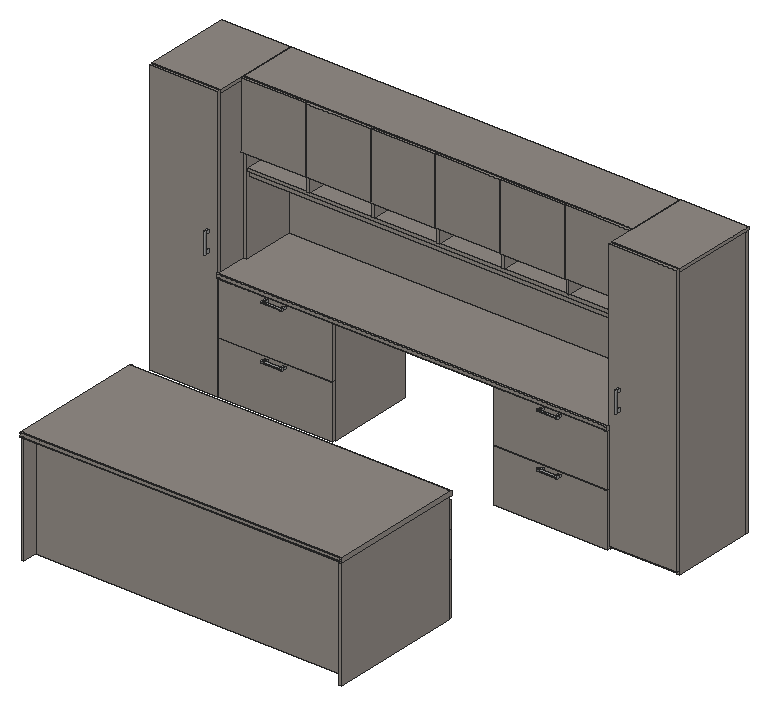
Revit family "JSI-Vision-Typical_Veneer-VST102-", category Furniture, Revit 2020 (continued)
Definition of nested family "JSI-Vision-Wardrobe"
  Definition of nested family "Vertical Bar Pull"
    Reference planes (in)
      plane 1 "Center Front/Back": y = 0
      plane 2: z = 0
      plane 3 "Center Left/Right": x = 0
      plane 4: x = -2.68731
      plane 5: x = -1.88731
      plane 6: x = 2.68731
      plane 7: x = 1.88731
      plane 8: y = -1
      plane 9: y = -0.85202
      plane 10: z = 2.68731
      plane 11: z = 1.88731
      plane 12: z = -1.88731
      plane 13: z = -2.68731
    Forms (in)
      Extrusion 1, solid, material <- "Pull Finish"
        sketch origin (0, 0, 0) x (0, 1, 0) y (-1, 0, 0)
          loop
            line (0, -0.2015) -> (0, 0.2015) -> (-0.85202, 0.2015)
            arc (-0.85202, 0.2015) -> (-0.75, 0) -> (-0.85202, -0.2015) r 0.25
            line (-0.85202, -0.2015) -> (0, -0.2015)
        from 1.88731 to 2.68731
      Extrusion 2, solid, material <- "Pull Finish"
        sketch origin (0, 0, 0) x (0, 1, 0) y (-1, 0, 0)
          loop
            circle (-1, 0) r 0.25
        from -2.68731 to 2.68731
      Extrusion 3, solid, material <- "Pull Finish"
        sketch origin (0, 0, 0) x (1, 0, 0) y (0, 1, 0)
          loop
            line (0.2015, 0) -> (-0.2015, 0) -> (-0.2015, -0.85202)
            arc (-0.2015, -0.85202) -> (0, -0.75) -> (0.2015, -0.85202) r 0.25
            line (0.2015, -0.85202) -> (0.2015, 0)
        from 1.88731 to 2.68731
      Extrusion 4, solid, material <- "Pull Finish"
        sketch origin (0, 0, -4.57462) x (1, 0, 0) y (0, 1, 0)
          loop
            line (0.2015, 0) -> (-0.2015, 0) -> (-0.2015, -0.85202)
            arc (-0.2015, -0.85202) -> (0, -0.75) -> (0.2015, -0.85202) r 0.25
            line (0.2015, -0.85202) -> (0.2015, 0)
        from 1.88731 to 2.68731
    Dimensions and locks (in)
      plane 4 to plane 5 to plane 3 "Center Left/Right" to plane 7 to plane 6 = 0.8" locked, 1.88731" locked, 1.88731" locked, 0.8" locked
      plane 8 to plane 9 to plane 1 "Center Front/Back" = 0.14798" locked, 0.85202" locked
      plane 13 to plane 12 to plane 2 to plane 11 to plane 10 = 0.8" locked, 1.88731" locked, 1.88731" locked, 0.8" locked
      plane 1 "Center Front/Back" to plane 9 to plane 8 = 0.85202" locked, 0.14798" locked
      aligned and locked: level to plane 2
      aligned and locked: plane 8 to Extrusion 2 sketch curve
      aligned and locked: Extrusion 3 to plane 1 "Center Front/Back"
      aligned and locked: Extrusion 1 to plane 1 "Center Front/Back"
      aligned and locked: Extrusion 4 to plane 1 "Center Front/Back"
      aligned and locked: Extrusion 3 to plane 10
      aligned and locked: Extrusion 3 to plane 11
      aligned and locked: Extrusion 2 to plane 10
      aligned and locked: Extrusion 2 to plane 13
      aligned and locked: Extrusion 4 to plane 13
      aligned and locked: Extrusion 4 to plane 12
      aligned and locked: plane 1 "Center Front/Back" to Extrusion 4
      aligned and locked: plane 1 "Center Front/Back" to Extrusion 3
      aligned and locked: Extrusion 4 to plane 9
      aligned and locked: Extrusion 3 to plane 9
  Definition of nested family "Label 1-16 OH"
    Parameters
      Width = 1"
      Model Name = "Storage/Wardrobe"
    Reference planes (in)
      plane 1: y = 0
      plane 2: x = 0
    Text (in)
      label "XX" at (0.00051, -0.12324, 0), shows "Model Name"
Definition of nested family "JSI-Vision-Modular_Lateral_File_Pedestal"
  Parameters (values of type "Modular Lat F Ped - Type Catalog Family")
    URL = "www.jsifurniture.com"
    Tag = "Lat File"
    Series = "Vision Casegoods"  # constant formula
    Pull Finish = none
    Ped Width = 30"
    Ped Height = 28"
    Model = "Type Catalog"
    Manufacturer = "JSI"  # constant formula
    Keynote = "12500"  # constant formula
    JSI Enviromental website = "http://www.jsifurniture.com/jsi_sustainability_intro.php"
    Description = "Type Catalog"
    Default Elevation = 0"
    Chassis = none
    Ped Depth = 20"
    Grommet Finish = none
    Drawer Front = none
    Assembly Code = "E2020200"
  Reference planes (in)
    plane 1 "Center Front/Back": y = 0
    plane 2: z = 0
    plane 3 "Center Left/Right": x = 0
    plane 4: x = 0.125
    plane 5: x = 30.125
    plane 6: x = 30.25
    plane 7: y = -18.9795
    plane 8: y = -0.1875
    plane 9: y = -19.1095
    plane 10: x = 0.18716
    plane 11: x = 30.06243
    plane 12: y = -19.8595
    plane 13: z = 0.125
    plane 14: z = 13.9375
    plane 15: z = 14.0625
    plane 16: z = 27.8755
    plane 17: z = 28
    plane 18: x = 0.875
    plane 19: x = 29.376
    plane 20: y = -0.9375
    plane 21: y = -18.23863
    plane 22: z = 13.18724
    plane 23: z = 27.12492
    plane 24: z = 26.5625
    plane 25: x = 15.125
    plane 26: y = -20
    plane 27: y = -9.80266
    plane 28: y = -14.80266
    plane 29: z = 27.1875
  Forms (in)
    Extrusion 1, solid, material <- "Chassis"
      sketch origin (0.125, -0.1875, 48) x (0, 1, 0) y (0, 0, 1)
        loop
          line (0, -20) -> (-18.792, -20) -> (-18.792, -48) -> (0, -48) -> (0, -20)
      from 0 to 0.75
    Extrusion 2, solid, material <- "Chassis"
      sketch origin (30.125, -0.1875, 48) x (0, 1, 0) y (0, 0, 1)
        loop
          line (0, -20) -> (-18.792, -20) -> (-18.792, -48) -> (0, -48) -> (0, -20)
      from -0.749 to 0
    Extrusion 3, solid, material <- "Drawer Front"
      sketch origin (0, 0, 0) x (1, 0, 0) y (0, 0, 1)
        loop
          line (0.18716, 27.8755) -> (0.18716, 14.0625) -> (30.06243, 14.0625) -> (30.06243, 27.8755) -> (0.18716, 27.8755)
        loop
          line (0.18716, 13.9375) -> (0.18716, 0.125) -> (30.06243, 0.125) -> (30.06243, 13.9375) -> (0.18716, 13.9375)
      from 19.1095 to 19.8595
    Extrusion 4, solid, material <- "Chassis"
      sketch origin (0, 0, 0) x (1, 0, 0) y (0, 1, 0)
        loop
          line (0.875, -18.9795) -> (29.376, -18.9795) -> (29.376, -15.9795) -> (0.875, -15.9795) -> (0.875, -18.9795)
      from 0 to 1.1875
    Extrusion 5, solid, material <- "Chassis"
      sketch origin (0, 0, 0) x (0, 1, 0) y (0, 0, 1)
        loop
          line (-9.80266, 27.1875) -> (-9.80266, 27.8755) -> (-14.80266, 27.8755) -> (-14.80266, 27.1875) -> (-9.80266, 27.1875)
      from 0.875 to 29.376
    Extrusion 6, solid, material <- "Chassis"
      sketch origin (0, 0, 0) x (0, 1, 0) y (0, 0, 1)
        loop
          line (-0.1875, 28) -> (-0.6875, 28) -> (-0.6875, 23) -> (-0.1875, 23) -> (-0.1875, 28)
        loop
          line (-0.6875, 0) -> (-0.1875, 0) -> (-0.1875, 5) -> (-0.6875, 5) -> (-0.6875, 0)
      from 0.875 to 29.376
  Lines and regions (in)
    symbolic lines
      curve 1: line (0.125, -18.9795, 0) -> (0.125, -0.1875, 0)
      curve 2: line (30.125, -0.1875, 0) -> (30.125, -18.9795, 0)
      curve 3: line (0.18716, -19.1095, 0) -> (30.06243, -19.1095, 0)
      curve 4: line (0.18716, -19.8595, 0) -> (0.18716, -19.1095, 0)
      curve 5: line (30.06243, -19.8595, 0) -> (0.18716, -19.8595, 0)
      curve 6: line (30.06243, -19.1095, 0) -> (30.06243, -19.8595, 0)
      curve 7: line (0.875, -0.9375, 0) -> (0.875, -18.9795, 0)
      curve 8: line (0.125, -18.9795, 0) -> (0.875, -18.9795, 0)
      curve 9: line (29.376, -0.1875, 0) -> (29.376, -18.9795, 0)
      curve 10: line (29.376, -18.9795, 0) -> (30.125, -18.9795, 0)
      curve 11: line (0.125, -0.1875, 0) -> (0.875, -0.1875, 0)
      curve 12: line (29.376, -0.1875, 0) -> (30.125, -0.1875, 0)
      curve 13: line (29.376, -0.1875, 0) -> (0.875, -0.1875, 0)
      curve 14: line (0.875, -0.6875, 0) -> (29.376, -0.6875, 0)
  Dimensions and locks (in)
    plane 3 "Center Left/Right" to plane 4 = 1/8"
    locked: plane 5 to plane 6 at 0.125
    "Ped Width": plane 4 to plane 5
    locked: plane 1 "Center Front/Back" to plane 8 at 0.1875
    "Ped Height": plane 17 to level
    locked: plane 8 to plane 20 at 0.75
    plane 21 to plane 7 to plane 9 to plane 12 = 0.74087" locked, 0.13" locked, 3/4" locked
    plane 4 to plane 10 to plane 18 = 0.06216" locked, 0.68784" locked
    plane 19 to plane 11 to plane 5 = 0.68644" locked, 0.06257" locked
    locked: plane 17 to plane 24 at 1.4375
    plane 3 "Center Left/Right" to plane 25 to plane 6 = 15 1/8", 15 1/8"
    "Ped Depth": plane 26 to plane 1 "Center Front/Back"
    locked: plane 12 to plane 26 at 0.1405
    plane 27 to plane 28 to plane 26 = 5" locked, 5.19734" locked
    locked: plane 2 to Extrusion 6 sketch curve at 5
    locked: plane 8 to Extrusion 6 sketch curve at 0.5  (x2)
    locked: plane 17 to Extrusion 6 sketch curve at 5
    plane 17 to plane 23 to plane 15 to plane 14 to plane 22 to plane 13 to plane 2 = 0.87508" locked, 13.06242" locked, 1/8" locked, 0.75026" locked, 13.06224" locked, 1/8" locked
    locked: Extrusion 4 sketch curve to plane 7 at 3
    equal spacing: plane 3 "Center Left/Right", plane 25, plane 6
    aligned and locked: level to plane 2
    aligned and locked: Extrusion 1 sketch curve to plane 7
    aligned and locked: Extrusion 1 sketch curve to level
    aligned and locked: Extrusion 2 sketch curve to plane 17
    aligned and locked: level to Extrusion 2 sketch curve
    aligned and locked: plane 7 to Extrusion 2 sketch curve
    aligned and locked: Extrusion 3 sketch curve to plane 16
    aligned and locked: Extrusion 3 sketch curve to plane 10  (x2)
    aligned and locked: plane 11 to Extrusion 3 sketch curve  (x2)
    aligned and locked: plane 15 to Extrusion 3 sketch curve
    aligned and locked: Extrusion 3 sketch curve to plane 14
    aligned and locked: plane 13 to Extrusion 3 sketch curve
    aligned and locked: Extrusion 3 to plane 12
    aligned and locked: plane 9 to Extrusion 3
    aligned and locked: plane 18 to Extrusion 4 sketch curve
    aligned and locked: plane 12 to nested 2
    aligned and locked: plane 12 to nested 1
    aligned and locked: plane 27 to Extrusion 5 sketch curve
    aligned and locked: Extrusion 5 sketch curve to plane 29
    aligned and locked: Extrusion 5 sketch curve to plane 28
    aligned and locked: plane 16 to Extrusion 5 sketch curve
    aligned and locked: Extrusion 5 to plane 18
    aligned and locked: plane 19 to Extrusion 5
    aligned and locked: nested 3 to plane 25
    aligned and locked: nested 3 to plane 26
    aligned and locked: plane 8 to Extrusion 1
    aligned and locked: plane 8 to Extrusion 2
    aligned and locked: curve 11 to plane 8
    aligned and locked: Extrusion 6 sketch curve to plane 8  (x2)
    aligned and locked: Extrusion 6 sketch curve to plane 17
    aligned and locked: plane 2 to Extrusion 6 sketch curve
    aligned and locked: Extrusion 6 to plane 18
    aligned and locked: plane 19 to Extrusion 6
    aligned and locked: curve 13 to Extrusion 6
    aligned and locked: curve 14 to Extrusion 6
    aligned and locked: nested 2 to plane 25
    aligned and locked: nested 1 to plane 25
    aligned and locked: plane 19 to Extrusion 4
    aligned and locked: Extrusion 2 to plane 19
    aligned and locked: plane 5 to Extrusion 2
  Automatic sketch dimensions
    Extrusion 1 sketch curve to plane 17 = 0"
    plane 20 to Extrusion 1 sketch curve = 3/4"
    plane 20 to Extrusion 2 sketch curve = 3/4"
    curve 1 to plane 4 = 0"
    curve 3 to plane 9 = 0"
    curve 3 to plane 10 = 0"
    curve 8 to plane 7 = 0"
    curve 8 to plane 18 = 0"
    curve 11 to plane 18 = 0"
    curve 9 to plane 7 = 0"
    curve 9 to plane 19 = 0"
    curve 3 to plane 11 = 0"
    curve 12 to plane 5 = 0"
    curve 5 to plane 12 = 0"
    curve 7 to plane 20 = 0"
    curve 14 to plane 18 = 0"
    Extrusion 4 sketch curve to plane 7 = 0"
    Extrusion 4 sketch curve to plane 19 = 0"
  Nested families (in)
    nested 1: "Bar Pull" at (15.125, -19.8595, 13.18724) x (-1, 0, 0) z (0, 0, 1), Pull Finish <- "Pull Finish", type "PL"
      with Pull Finish none
    nested 2: "Bar Pull" at (15.125, -19.8595, 27.12492) x (-1, 0, 0) z (0, 0, 1), Pull Finish <- "Pull Finish", type "PL"
      with Pull Finish none
    nested 3: "Label 1-16" at (15.125, -20, 0), type "DRWCFG"
  Definition of nested family "Bar Pull"
    Parameters
      Pull Finish [instance] = none
      Default Elevation = 0"
    Reference planes (in)
      plane 1 "Center Front/Back": y = 0
      plane 2: z = 0
      plane 3 "Center Left/Right": x = 0
      plane 4: x = -2.68731
      plane 5: x = -1.88731
      plane 6: x = 2.68731
      plane 7: x = 1.88731
      plane 8: y = -1
      plane 9: y = -0.85202
    Forms (in)
      Extrusion 1, solid, material <- "Pull Finish"
        sketch origin (0, 0, 0) x (0, 1, 0) y (0, 0, 1)
          loop
            line (0, -0.2015) -> (0, 0.2015) -> (-0.85202, 0.2015)
            arc (-0.85202, 0.2015) -> (-0.75, 0) -> (-0.85202, -0.2015) r 0.25
            line (-0.85202, -0.2015) -> (0, -0.2015)
        from 1.88731 to 2.68731
      Extrusion 2, solid, material <- "Pull Finish"
        sketch origin (0, 0, 0) x (0, 1, 0) y (0, 0, 1)
          loop
            circle (-1, 0) r 0.25
        from -2.68731 to 2.68731
      Extrusion 3, solid, material <- "Pull Finish"
        sketch origin (0, 0, 0) x (0, 1, 0) y (0, 0, -1)
          loop
            line (0, 0.2015) -> (-0.85202, 0.2015)
            arc (-0.85202, 0.2015) -> (-0.75, 0) -> (-0.85202, -0.2015) r 0.25
            line (-0.85202, -0.2015) -> (0, -0.2015) -> (0, 0.2015)
        from 1.88731 to 2.68731
    Dimensions and locks (in)
      plane 4 to plane 5 to plane 3 "Center Left/Right" to plane 7 to plane 6 = 0.8" locked, 1.88731" locked, 1.88731" locked, 0.8" locked
      plane 8 to plane 9 to plane 1 "Center Front/Back" = 0.14798" locked, 0.85202" locked
      aligned and locked: level to plane 2
      aligned and locked: plane 4 to Extrusion 3
      aligned and locked: Extrusion 3 to plane 5
      aligned and locked: plane 4 to Extrusion 2
      aligned and locked: Extrusion 1 to plane 7
      aligned and locked: plane 6 to Extrusion 1
      aligned and locked: plane 6 to Extrusion 2
      aligned and locked: plane 8 to Extrusion 2 sketch curve
      aligned and locked: Extrusion 3 to plane 1 "Center Front/Back"
      aligned and locked: Extrusion 1 to plane 1 "Center Front/Back"
      aligned and locked: plane 5 to Extrusion 3
      aligned and locked: Extrusion 3 to plane 4
      aligned and locked: Extrusion 2 to plane 4
      aligned and locked: plane 7 to Extrusion 1
      aligned and locked: Extrusion 1 to plane 6
      aligned and locked: Extrusion 2 to plane 6
  Definition of nested family "Label 1-16"
    Parameters
      Width = 1"
      Model Name = "2 Drw - 2 Drs"
    Reference planes (in)
      plane 1: y = 0
      plane 2: x = 0
    Text (in)
      label "XX" at (0.00051, -0.12324, 0), shows "Model Name"
Definition of nested family "JSI-Vision-Double_Pedestal-Recessed_Modesty"
  Parameters (values of type "Dbl Ped Desk, Rcs Modesty - Type Catalog Family")
    Worksurface = none
    Width = 72"
    URL = "www.jsifurniture.com"
    Type Comments = ""
    Tag 2 = "FF"  # constant formula
    Tag = "BBF"  # constant formula
    Series = "Vision Casegoods"  # constant formula
    Pull Finish = none
    Model = "Type Catalog"
    Material = ""
    Manufacturer = "JSI"  # constant formula
    Keynote = "12500"  # constant formula
    JSI Enviromental Website = "http://www.jsifurniture.com/jsi_sustainability_intro.php"
    Height = 29 3/16"
    Grommet Finish = none
    Drawer Front = none
    Description = "Type Catalog"
    Depth = 30"
    Default Elevation = 0"
    Chassis = none
    Assembly Code = "E2020200"
  Reference planes (in)
    plane 1: z = 0
    plane 2 "Center (Left/Right)": x = -36.06413
    plane 3: z = 29.1875
    plane 4: z = 28
    plane 5: y = -19.25
    plane 6 "Center (Front/Back)": y = 10.75
    plane 7: y = 10.5625
    plane 8: x = -0.06413
    plane 9: x = 35.93587
    plane 10: x = -20.31413
    plane 11: x = 20.18587
    plane 12: y = -18.37
    plane 13: x = 27.99787
    plane 14: x = -28.12663
    plane 15: x = 35.81086
    plane 16: x = -35.93913
    plane 17: y = 6.8125
    plane 18: y = -18.31113
    plane 19: x = -35.87663
    plane 20: x = 20.24837
  Forms (in)
    Extrusion 1, solid, material <- "Worksurface"
      sketch origin (0, 0.0625, 0) x (1, 0, 0) y (0, 1, 0)
        loop
          line (-36.06413, -19.125) -> (35.93587, -19.125) -> (35.93587, 10.5) -> (-36.06413, 10.5) -> (-36.06413, -19.125)
      from 28 to 29.1875
    Extrusion 2, solid, material <- "Chassis"
      sketch origin (0, 3.75, 0) x (1, 0, 0) y (0, 1, 0)
        loop
          line (-35.18913, 3.0625) -> (-35.18913, 2.3125) -> (35.06086, 2.3125) -> (35.06086, 3.0625) -> (-35.18913, 3.0625)
      from 0 to 28
    Extrusion 3, solid, material <- "Drawer Front"
      sketch origin (-0.00163, 6.13, 0) x (1, 0, 0) y (0, 0, 1)
        loop
          line (-35.875, 27.88) -> (-35.875, 21.04) -> (-20.37473, 21.04) -> (-20.37473, 27.88) -> (-35.875, 27.88)
        loop
          line (-35.875, 20.915) -> (-35.875, 14.075) -> (-20.37473, 14.075) -> (-20.37473, 20.915) -> (-35.875, 20.915)
        loop
          line (-35.875, 13.95) -> (-35.875, 0.14) -> (-20.37473, 0.14) -> (-20.37473, 13.95) -> (-35.875, 13.95)
      from 24.5 to 25.25
    Extrusion 4, solid, material <- "Chassis"
      sketch origin (-0.06413, 0, 0) x (0, 1, 0) y (0, 0, 1)
        loop
          line (-18.31113, 28) -> (-18.31113, 0) -> (10.5625, 0) -> (10.5625, 28) -> (-18.31113, 28)
      from -35.875 to -35.125
    Extrusion 5, solid, material <- "Chassis"
      sketch origin (-0.06413, 0.034, 0) x (1, 0, 0) y (0, 0, 1)
        loop
          line (-35.125, 1.9375) -> (-35.125, 0) -> (-21, 0) -> (-21, 1.9375) -> (-35.125, 1.9375)
      from 17.59513 to 18.34513
    Extrusion 6, solid, material <- "Chassis"
      sketch origin (-56.31246, 0, 0) x (0, 1, 0) y (0, 0, -1)
        loop
          line (-18.31113, -28) -> (6.0625, -28) -> (6.0625, 0) -> (-18.31113, 0) -> (-18.31113, -28)
      from -35.99833 to -35.24833
    Extrusion 7, solid, material <- "Drawer Front"
      sketch origin (-0.1898, 6.13, 0) x (1, 0, 0) y (0, 0, 1)
        loop
          line (20.43816, 27.88) -> (20.43816, 14.075) -> (35.93716, 14.075) -> (35.93716, 27.88) -> (20.43816, 27.88)
        loop
          line (20.43816, 13.95) -> (20.43816, 0.14) -> (35.93843, 0.14) -> (35.93843, 13.95) -> (20.43816, 13.95)
      from 24.5 to 25.25
    Sweep 8, solid, material <- "Worksurface"
      path in 3D
        loop
          line (-36.06413, -19.0625, 29.1875) -> (35.93587, -19.0625, 29.1875)
      profile origin (-0.06413, -19.0625, 29.1875) x (0, 1, 0) y (0, 0, 1)
        loop
          arc (0, 0) -> (-0.08839, -0.03661) -> (-0.125, -0.125) r 0.125
          line (-0.125, -0.125) -> (-0.125, -1.0625)
          arc (-0.125, -1.0625) -> (-0.08839, -1.15089) -> (0, -1.1875) r 0.125
          line (0, -1.1875) -> (0, 0)
    Extrusion 9, solid, material <- "Chassis"
      sketch origin (-0.06413, 0.034, 0) x (-1, 0, 0) y (0, 0, -1)
        loop
          line (-35.125, -1.9375) -> (-21, -1.9375) -> (-21, 0) -> (-35.125, 0) -> (-35.125, -1.9375)
      from 17.59513 to 18.34513
    Sweep 10, solid, material <- "Worksurface"
      path in 3D
        loop
          line (35.93587, 10.5625, 29.1875) -> (-36.06413, 10.5625, 29.1875)
      profile origin (-0.06413, 10.5625, 29.1875) x (0, -1, 0) y (0, 0, 1)
        loop
          arc (0, 0) -> (-0.13258, -0.05492) -> (-0.1875, -0.1875) r 0.1875
          line (-0.1875, -0.1875) -> (-0.1875, -1)
          arc (-0.1875, -1) -> (-0.13258, -1.13258) -> (0, -1.1875) r 0.1875
          line (0, -1.1875) -> (0, 0)
    Extrusion 11, solid, material <- "Chassis"
      sketch origin (-0.06413, 0, 0) x (0, 1, 0) y (0, 0, -1)
        loop
          line (-18.31113, -28) -> (10.5625, -28) -> (10.5625, 0) -> (-18.31113, 0) -> (-18.31113, -28)
      from -35.875 to -35.125
    Extrusion 12, solid, material <- "Chassis"
      sketch origin (56.1842, 0, 0) x (0, 1, 0) y (0, 0, 1)
        loop
          line (-18.31113, 28) -> (-18.31113, 0) -> (6.0625, 0) -> (6.0625, 28) -> (-18.31113, 28)
      from -35.99833 to -35.24833
  Cuts and joins
    joined: Extrusion 1, Sweep 8, Sweep 10
  Lines and regions (in)
    sketch lines
      curve 1: line (-36.06413, -19.0625, 29.1875) -> (35.93587, -19.0625, 29.1875)
      curve 5: line (35.93587, 10.5625, 29.1875) -> (-36.06413, 10.5625, 29.1875)
    symbolic lines
      curve 2: line (35.93587, -19.25, 0) -> (-36.06413, -19.25, 0)
      curve 3: line (35.93587, -19.25, 0) -> (35.93587, 10.75, 0)
      curve 4: line (-36.06413, 10.75, 0) -> (-36.06413, -19.25, 0)
      curve 6: line (-36.06413, 10.75, 0) -> (35.93587, 10.75, 0)
      curve 7: line (20.24837, -18.37, 0) -> (20.24837, -19.12, 0)
      curve 8: line (35.74737, -18.37, 0) -> (20.24837, -18.37, 0)
      curve 9: line (20.24837, -19.12, 0) -> (35.74737, -19.12, 0)
      curve 10: line (35.74737, -19.12, 0) -> (35.74737, -18.37, 0)
      curve 11: line (-35.87663, -18.37, 0) -> (-35.87663, -19.12, 0)
      curve 12: line (-20.37636, -18.37, 0) -> (-35.87663, -18.37, 0)
      curve 13: line (-35.87663, -19.12, 0) -> (-20.37636, -19.12, 0)
      curve 14: line (-20.37636, -19.12, 0) -> (-20.37636, -18.37, 0)
      curve 15: line (35.06086, 6.8125, 0) -> (-35.18913, 6.8125, 0)
      curve 16: line (-35.18913, 6.0625, 0) -> (35.06086, 6.0625, 0)
      curve 17: line (-20.31413, -18.31113, 0) -> (-20.31413, 6.0625, 0)
      curve 18: line (-35.18913, 10.5625, 0) -> (-35.93913, 10.5625, 0)
      curve 19: line (-35.93913, 10.5625, 0) -> (-35.93913, -18.31113, 0)
      curve 20: line (-35.93913, -18.31113, 0) -> (-20.31413, -18.31113, 0)
      curve 21: line (20.18587, 6.0625, 0) -> (20.18587, -18.31113, 0)
      curve 22: line (20.18587, -18.31113, 0) -> (35.81086, -18.31113, 0)
      curve 23: line (-35.18913, -18.31113, 0) -> (-35.18913, 10.5625, 0)
      curve 24: line (35.06086, -18.31113, 0) -> (35.06086, 10.5625, 0)
      curve 25: line (35.81086, 10.5625, 0) -> (35.06086, 10.5625, 0)
      curve 26: line (35.81086, -18.31113, 0) -> (35.81086, 10.5625, 0)
      curve 27: line (20.93587, 6.0625, 0) -> (20.93587, -18.31113, 0)
      curve 28: line (-21.06413, -18.31113, 0) -> (-21.06413, 6.0625, 0)
  Dimensions and locks (in)
    "Height": plane 3 to level
    locked: plane 3 to plane 4 at 1.1875
    "Depth": plane 6 "Center (Front/Back)" to plane 5
    equal spacing: plane 2 "Center (Left/Right)", plane 8, plane 9
    "Width": plane 2 "Center (Left/Right)" to plane 9
    locked: plane 2 "Center (Left/Right)" to plane 10 at 15.75
    locked: plane 11 to plane 9 at 15.75
    locked: Extrusion 5 to plane 12 at 0.80887
    locked: plane 12 to plane 5 at 0.88
    locked: plane 15 to plane 9 at 0.125
    locked: Extrusion 6 to Extrusion 6 at 0.75
    locked: Extrusion 4 to Extrusion 4 at 0.75
    locked: Extrusion 2 to Extrusion 2 at 0.75
    locked: plane 18 to plane 5 at 0.93887
    locked: Extrusion 5 to Extrusion 5 at 0.75
    locked: Extrusion 9 to Extrusion 9 at 0.75
    locked: Extrusion 3 to plane 12 at 0.75
    locked: Extrusion 7 to plane 12 at 0.75
    locked: plane 19 to plane 14 at 7.75
    locked: Extrusion 11 to Extrusion 11 at 0.75
    locked: Extrusion 12 to Extrusion 12 at 0.75
    locked: plane 11 to plane 20 at 0.0625
    locked: plane 2 "Center (Left/Right)" to plane 19 at 0.1875
    locked: plane 20 to plane 13 at 7.7495
    locked: plane 6 "Center (Front/Back)" to plane 17 at 3.9375
    locked: plane 7 to plane 6 "Center (Front/Back)" at 0.1875
    Extrusion 3 sketch curve to Extrusion 3 sketch curve to Extrusion 3 sketch curve to Extrusion 3 sketch curve to Extrusion 3 sketch curve to Extrusion 3 sketch curve to plane 1 = 6.84" locked, 1/8" locked, 6.84" locked, 1/8" locked, 13.81" locked, 0.14" locked
    locked: plane 4 to nested 3 at 0.75
    locked: Extrusion 3 to nested 2 at 0.75
    locked: Extrusion 3 to nested 1 at 0.75
    locked: Extrusion 7 to nested 5 at 0.75
    locked: Extrusion 7 to nested 4 at 0.75
    aligned and locked: level to plane 1
    aligned and locked: curve 4 to Extrusion 1
    aligned and locked: Extrusion 4 to Extrusion 5
    aligned and locked: Extrusion 4 to Extrusion 6
    aligned and locked: Extrusion 5 to Extrusion 4
    aligned and locked: Extrusion 5 to Extrusion 6
    aligned and locked: plane 10 to Extrusion 6  (x2)
    aligned and locked: Extrusion 4 to plane 16
    aligned and locked: plane 12 to Extrusion 3
    aligned and locked: plane 12 to Extrusion 7
    aligned and locked: Extrusion 6 to plane 18  (x2)
    aligned and locked: Extrusion 5 to plane 18
    aligned and locked: Extrusion 4 to plane 18  (x2)
    aligned and locked: Extrusion 5 to level
    aligned and locked: Extrusion 9 to plane 18
    aligned and locked: Extrusion 1 to plane 7
    aligned and locked: plane 6 "Center (Front/Back)" to curve 6
    aligned and locked: nested 3 to plane 14
    aligned and locked: nested 2 to plane 14
    aligned and locked: nested 1 to plane 14
    aligned and locked: plane 13 to nested 5
    aligned and locked: plane 13 to nested 4
    aligned and locked: Extrusion 3 to nested 3
    aligned and locked: Extrusion 3 to nested 2
    aligned and locked: Extrusion 3 to nested 1
    aligned and locked: Extrusion 7 to nested 5
    aligned and locked: Extrusion 7 to nested 4
    aligned and locked: Extrusion 7 to plane 20  (x2)
    aligned and locked: Extrusion 3 to plane 19
    aligned and locked: curve 7 to Extrusion 7
    aligned and locked: Extrusion 7 to curve 8
    aligned and locked: curve 9 to Extrusion 7
    aligned and locked: curve 10 to Extrusion 7
    aligned and locked: curve 11 to Extrusion 3
    aligned and locked: curve 12 to Extrusion 3
    aligned and locked: curve 13 to Extrusion 3
    aligned and locked: curve 14 to Extrusion 3
    aligned and locked: plane 15 to Extrusion 11
    aligned and locked: Extrusion 11 to plane 18
    aligned and locked: Extrusion 12 to plane 11
    aligned and locked: Extrusion 12 to plane 18
    aligned and locked: curve 17 to Extrusion 6
    aligned and locked: curve 18 to Extrusion 4
    aligned and locked: curve 19 to Extrusion 4
    aligned and locked: curve 20 to Extrusion 5
    aligned and locked: Extrusion 12 to curve 21
    aligned and locked: curve 22 to Extrusion 9
    aligned and locked: curve 25 to Extrusion 11
    aligned and locked: curve 26 to Extrusion 11
    aligned and locked: nested 7 to plane 14
    aligned and locked: plane 13 to nested 6
    aligned and locked: nested 7 to plane 5
    aligned and locked: nested 6 to plane 5
    aligned and locked: Extrusion 4 to plane 7  (x2)
    aligned and locked: Extrusion 11 to plane 7  (x2)
    aligned and locked: Extrusion 12 to Extrusion 2
    aligned and locked: Extrusion 6 to Extrusion 2
    aligned and locked: plane 4 to Sweep 10 sketch curve
    aligned and locked: plane 3 to Sweep 10 sketch curve
    aligned and locked: plane 3 to cut or joined group of Extrusion 1, Sweep 8, Sweep 10
    aligned and locked: cut or joined group of Extrusion 1, Sweep 8, Sweep 10 to plane 4
    aligned and locked: plane 4 to Extrusion 2
    aligned and locked: Extrusion 7 sketch curve to Extrusion 3  (x2)
    aligned and locked: Extrusion 3 to Extrusion 7 sketch curve  (x2)
  Automatic sketch dimensions
    Extrusion 1 sketch curve to plane 2 "Center (Left/Right)" = 0"
    Extrusion 1 sketch curve to plane 9 = 0"
    Extrusion 1 sketch curve to plane 7 = 0"
    plane 5 to Extrusion 1 sketch curve = 3/16"
    Extrusion 2 sketch curve to plane 17 = 0"
    plane 19 to Extrusion 2 sketch curve = 11/16"
    Extrusion 2 sketch curve to plane 15 = 3/4"
    Extrusion 2 sketch curve to plane 17 = 3/4"
    Extrusion 3 sketch curve to plane 19 = 0"  (x3)
    plane 10 to Extrusion 3 sketch curve = 0.06223"  (x3)
    Extrusion 4 sketch curve to plane 4 = 0"
    Extrusion 4 sketch curve to plane 18 = 0"
    Extrusion 4 sketch curve to level = 0"
    Extrusion 4 sketch curve to plane 7 = 0"
    Extrusion 5 sketch curve to level = 0"
    plane 19 to Extrusion 5 sketch curve = 11/16"
    plane 10 to Extrusion 5 sketch curve = 3/4"
    level to Extrusion 5 sketch curve = 1 15/16"
    Extrusion 7 sketch curve to plane 20 = 0"  (x2)
    Extrusion 7 sketch curve to plane 15 = 0.0635"
    Extrusion 7 sketch curve to plane 15 = 0.06223"
    Sweep 8 sketch curve to profile plane = 0"  (x2)
    profile plane to Sweep 8 sketch curve = 1/8"
    Sweep 8 sketch curve to Sweep 8 sketch curve = 15/16"
    Extrusion 9 sketch curve to level = 0"
    Extrusion 9 sketch curve to plane 15 = 3/4"
    plane 20 to Extrusion 9 sketch curve = 11/16"
    level to Extrusion 9 sketch curve = 1 15/16"
    Sweep 10 sketch curve to profile plane = 0"
    profile plane to Sweep 10 sketch curve = 3/16"
    Extrusion 11 sketch curve to plane 4 = 0"
    Extrusion 11 sketch curve to plane 18 = 0"
    Extrusion 11 sketch curve to level = 0"
    Extrusion 11 sketch curve to plane 7 = 0"
    Extrusion 12 sketch curve to plane 4 = 0"
    Extrusion 12 sketch curve to plane 18 = 0"
    Extrusion 12 sketch curve to level = 0"
    Extrusion 12 sketch curve to plane 17 = 3/4"
    curve 2 to plane 2 "Center (Left/Right)" = 0"
    curve 20 to plane 16 = 0"
    curve 12 to plane 12 = 0"
    curve 12 to plane 19 = 0"
    curve 15 to plane 17 = 0"
    curve 23 to plane 18 = 0"
    plane 7 to curve 23 = 0"
    curve 20 to plane 10 = 0"
    curve 22 to plane 11 = 0"
    curve 7 to plane 12 = 0"
    curve 7 to plane 20 = 0"
    curve 27 to plane 18 = 0"
    plane 7 to curve 25 = 0"
    curve 25 to plane 15 = 0"
    curve 6 to plane 9 = 0"
    curve 2 to plane 5 = 0"
    plane 19 to curve 23 = 11/16"
    plane 10 to curve 14 = 0.06223"
    curve 25 to curve 25 = 3/4"
    curve 10 to plane 15 = 0.0635"
    plane 5 to curve 14 = 0.13"
    plane 5 to curve 10 = 0.13"
    curve 28 to curve 12 = 0.68777"
    plane 20 to curve 27 = 11/16"
    curve 16 to curve 15 = 3/4"
    Extrusion 6 sketch curve to plane 4 = 0"
    Extrusion 6 sketch curve to plane 18 = 0"
    Extrusion 6 sketch curve to level = 0"
    Extrusion 6 sketch curve to plane 17 = 3/4"
  Nested families (in)
    nested 1: "Bar Pull" at (-28.12663, -19.12, 13.2), Pull Finish <- "Pull Finish", type "PL"
      with Pull Finish none
    nested 2: "Bar Pull" at (-28.12663, -19.12, 20.165), Pull Finish <- "Pull Finish", type "PL"
      with Pull Finish none
    nested 3: "Bar Pull" at (-28.12663, -19.12, 27.25), Pull Finish <- "Pull Finish", type "PL"
      with Pull Finish none
    nested 4: "Bar Pull" at (27.99787, -19.12, 13.2), Pull Finish <- "Pull Finish", type "PL"
      with Pull Finish none
    nested 5: "Bar Pull" at (27.99787, -19.12, 27.13), Pull Finish <- "Pull Finish", type "PL"
      with Pull Finish none
    nested 6: "Label 1-16" at (27.99787, -19.25, 0), type "DRWCFG 2"
    nested 7: "Label 1-16" at (-28.12663, -19.25, 0), type "DRWCFG"
  Definition of nested family "Bar Pull"
    Parameters
      Pull Finish [instance] = none
      Default Elevation = 0"
    Reference planes (in)
      plane 1 "Center Front/Back": y = 0
      plane 2: z = 0
      plane 3 "Center Left/Right": x = 0
      plane 4: x = -2.68731
      plane 5: x = -1.88731
      plane 6: x = 2.68731
      plane 7: x = 1.88731
      plane 8: y = -1
      plane 9: y = -0.85202
    Forms (in)
      Extrusion 1, solid, material <- "Pull Finish"
        sketch origin (0, 0, 0) x (0, 1, 0) y (0, 0, 1)
          loop
            line (0, -0.2015) -> (0, 0.2015) -> (-0.85202, 0.2015)
            arc (-0.85202, 0.2015) -> (-0.75, 0) -> (-0.85202, -0.2015) r 0.25
            line (-0.85202, -0.2015) -> (0, -0.2015)
        from 1.88731 to 2.68731
      Extrusion 2, solid, material <- "Pull Finish"
        sketch origin (0, 0, 0) x (0, 1, 0) y (0, 0, 1)
          loop
            circle (-1, 0) r 0.25
        from -2.68731 to 2.68731
      Extrusion 3, solid, material <- "Pull Finish"
        sketch origin (0, 0, 0) x (0, 1, 0) y (0, 0, -1)
          loop
            line (0, 0.2015) -> (-0.85202, 0.2015)
            arc (-0.85202, 0.2015) -> (-0.75, 0) -> (-0.85202, -0.2015) r 0.25
            line (-0.85202, -0.2015) -> (0, -0.2015) -> (0, 0.2015)
        from 1.88731 to 2.68731
    Dimensions and locks (in)
      plane 4 to plane 5 to plane 3 "Center Left/Right" to plane 7 to plane 6 = 0.8" locked, 1.88731" locked, 1.88731" locked, 0.8" locked
      plane 8 to plane 9 to plane 1 "Center Front/Back" = 0.14798" locked, 0.85202" locked
      aligned and locked: level to plane 2
      aligned and locked: plane 4 to Extrusion 3
      aligned and locked: Extrusion 3 to plane 5
      aligned and locked: plane 4 to Extrusion 2
      aligned and locked: Extrusion 1 to plane 7
      aligned and locked: plane 6 to Extrusion 1
      aligned and locked: plane 6 to Extrusion 2
      aligned and locked: plane 8 to Extrusion 2 sketch curve
      aligned and locked: Extrusion 3 to plane 1 "Center Front/Back"
      aligned and locked: Extrusion 1 to plane 1 "Center Front/Back"
      aligned and locked: plane 5 to Extrusion 3
      aligned and locked: Extrusion 3 to plane 4
      aligned and locked: Extrusion 2 to plane 4
      aligned and locked: plane 7 to Extrusion 1
      aligned and locked: Extrusion 1 to plane 6
      aligned and locked: Extrusion 2 to plane 6
  Definition of nested family "Label 1-16"
    Parameters
      Width = 1"
      Model Name = "BBF"
    Reference planes (in)
      plane 1: y = 0
      plane 2: x = 0
    Text (in)
      label "XX" at (0.00051, -0.12324, 0), shows "Model Name"
